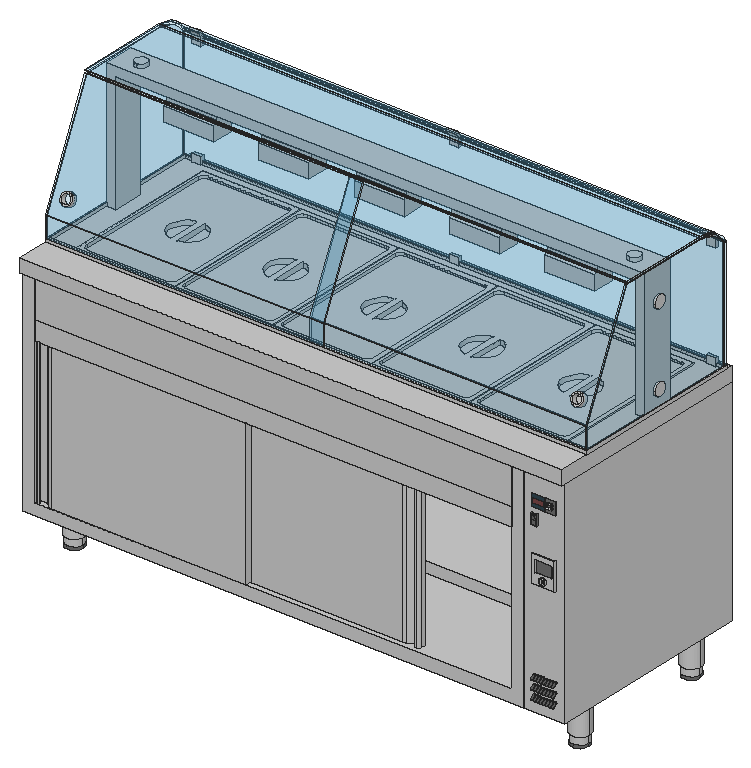
Revit family "QF_INOMAK_MIV718_250609085255", category Specialty Equipment, Revit 2021 (continued)
Definition of nested family "QF_INOMAK_LEGS_6348"
  Parameters (values of type "LG-1545-700-BC")
    Length Actual [instance] = 0 mm
    Length = 1546 mm
    Left offset = 100 mm
    Item Number [instance] = ""
    Installed By [instance] = ""
    Installation Date [instance] = ""
    Identify Quantity as Lot [instance] = yes
    ID [instance] = ""
    Hygiene Approval [instance] = ""
    Height Actual [instance] = 0 mm
    Height = 115 mm
    Furnished By [instance] = ""
    Front offset = 150 mm
    Foodservice Equipment Identifier [instance] = yes
    ETL Approved [instance] = yes
    Description = "STANDARD LEGS"
    Depth Actual [instance] = 0 mm
    Depth = 700 mm
    Default Elevation = 0 mm
    CentralLegs = if(Length > 1900 mm, 2 > 1, 2 < 1)  # no
    CSI MasterFormat [instance] = ""
    CE Approved [instance] = yes
    Barcode [instance] = ""
    Author [instance] = ""
    Asset Identifier [instance] = ""
    Assembly Code = "E1090320"
    Accessory [instance] = yes
  Types (14, lengths in mm): name | Right offset | Rear offset | Length | Left offset | Height | Front offset | Depth | CentralLegs
    LG-720-830 | 100 | 60 | 720 | 100 | 115 | 160 | 830 | no
    LG-1440-830 | 100 | 60 | 1440 | 100 | 115 | 160 | 830 | no
    LG-720-730 | 100 | 60 | 720 | 100 | 115 | 160 | 730 | no
    LG-1440-730 | 100 | 60 | 1440 | 100 | 115 | 160 | 730 | no
    LG-1105-700 | 60 | 90 | 1103 | 60 | 144 | 150 | 700 | no
    LG-1545-700 | 300 | 90 | 1546 | 100 | 144 | 150 | 700 | no
    LG-1995-700 | 300 | 90 | 1996 | 100 | 144 | 150 | 700 | yes
    LG-1545-700-BC | 300 | 90 | 1546 | 100 | 115 | 150 | 700 | no
    LG-1995-700-BC | 300 | 90 | 1996 | 100 | 115 | 150 | 700 | yes
    LG-1410-700 | 60 | 90 | 1406 | 60 | 144 | 150 | 700 | no
    LG-1795-700 | 60 | 90 | 1792 | 60 | 144 | 150 | 700 | no
    LG-1105-600 | 60 | 90 | 1103 | 60 | 144 | 150 | 600 | no
    LG-1545-600 | 300 | 90 | 1546 | 100 | 144 | 150 | 600 | no
    LG-1995-600 | 300 | 90 | 1996 | 100 | 144 | 150 | 600 | yes
  Reference planes
    plane 1 "Back": y = 0
    plane 2: z = 0
    plane 3 "Left": x = 0
    plane 4 "Right": x = 1546
    plane 5 "Front": y = -700
    plane 6 "Top": z = 115
    plane 7 "Left offset": x = 100
    plane 8 "Right offset": x = 1246
    plane 9 "Rear offset": y = -90
    plane 10 "Front offset": y = -550
    plane 11: x = 673
  Dimensions and locks
    "Length": plane 3 "Left" to plane 4 "Right"
    "Depth": plane 5 "Front" to plane 1 "Back"
    "Left offset": plane 3 "Left" to plane 7 "Left offset"
    "Right offset": plane 8 "Right offset" to plane 4 "Right"
    "Rear offset": plane 9 "Rear offset" to plane 1 "Back"
    "Front offset": plane 10 "Front offset" to plane 5 "Front"
    "Height": plane 6 "Top" to level
    equal spacing: plane 7 "Left offset", plane 11, plane 8 "Right offset"
    aligned and locked: level to plane 2
    aligned and locked: nested 2 to plane 8 "Right offset"
    aligned and locked: nested 3 to plane 8 "Right offset"
    aligned and locked: nested 4 to plane 7 "Left offset"
    aligned and locked: nested 4 to plane 10 "Front offset"
    aligned and locked: nested 3 to plane 10 "Front offset"
    aligned and locked: nested 1 to plane 7 "Left offset"
    aligned and locked: nested 1 to plane 9 "Rear offset"
    aligned and locked: nested 2 to plane 9 "Rear offset"
    aligned and locked: nested 5 to plane 11
    aligned and locked: nested 5 to plane 10 "Front offset"
  Nested families
    nested 1: "QF_INOMAK_LEG" at (100, -90, 0), type "QF_INOMAK_LEG"
      with Height 115 mm
    nested 2: "QF_INOMAK_LEG" at (1246, -90, 0), type "QF_INOMAK_LEG"
      with Height 115 mm
    nested 3: "QF_INOMAK_LEG" at (1246, -550, 0), type "QF_INOMAK_LEG"
      with Height 115 mm
    nested 4: "QF_INOMAK_LEG" at (100, -550, 0), type "QF_INOMAK_LEG"
      with Height 115 mm
    nested 5: "QF_INOMAK_LEG" at (673, -550, 0), visible <- "CentralLegs", type "QF_INOMAK_LEG"
      with Height 115 mm
  Definition of nested family "QF_INOMAK_LEG"
    Parameters (values of type "QF_INOMAK_LEG")
      Height = 118 mm
      Default Elevation = 0 mm
    Reference planes
      plane 1 "Center (Front/Back)": y = 0
      plane 2: z = 0
      plane 3 "Center (Left/Right)": x = 0
      plane 4 "Top": z = 118
    Forms (mm)
      Extrusion 1, solid
        sketch origin (0, 0, 118) x (0, 1, 0) y (-1, 0, 0)
          loop
            line (50, 45) -> (-50, 45) -> (-50, -45) -> (50, -45) -> (50, 45)
        from 0 to -3
      Extrusion 2, solid
        sketch origin (-199.986, 580, 0) x (1, 0, 0) y (0, 1, 0)
          loop
            circle (199.986, -580) r 28
        from 9 to 35
      Extrusion 3, solid
        sketch origin (-199.986, 580, 0) x (1, 0, 0) y (0, 1, 0)
          loop
            circle (199.986, -580) r 28.5
        from 0 to 9
      Sweep 4, solid
        path origin (0, 0, 0) x (0, 1, 0) y (0, 0, 1)
          loop
            line (0, 115) -> (0, 35)
        profile origin (0, 0, 75) x (1, 0, 0) y (0, 1, 0)
          loop
            circle (0, 0) r 32
    Dimensions and locks
      "Height": plane 4 "Top" to plane 2
      aligned and locked: level to plane 2
    Automatic sketch dimensions
      plane 1 "Center (Front/Back)" to Extrusion 1 sketch curve = 50 mm
      Extrusion 1 sketch curve to plane 1 "Center (Front/Back)" = 50 mm
      plane 3 "Center (Left/Right)" to Extrusion 1 sketch curve = 45 mm
      Extrusion 1 sketch curve to plane 3 "Center (Left/Right)" = 45 mm
      plane 1 "Center (Front/Back)" to Extrusion 2 sketch curve = 0 mm
      Extrusion 2 sketch curve to plane 3 "Center (Left/Right)" = 0 mm
      plane 1 "Center (Front/Back)" to Extrusion 3 sketch curve = 0 mm
      Extrusion 3 sketch curve to plane 3 "Center (Left/Right)" = 0 mm
      Sweep 4 sketch curve to plane 1 "Center (Front/Back)" = 0 mm
      level to Sweep 4 sketch curve = 35 mm
      Sweep 4 sketch curve to plane 4 "Top" = 3 mm
      Sweep 4 sketch curve to plane 3 "Center (Left/Right)" = 0 mm
      profile plane to Sweep 4 sketch curve = 0 mm
      radius of Extrusion 2 sketch curve = 28 mm
      radius of Extrusion 3 sketch curve = 28.5 mm
      radius of Sweep 4 sketch curve = 32 mm
Definition of nested family "CONN_POINT_COLDWATER_2D___Generic_Annotation"
  Parameters (values of type "CONN_POINT_COLDWATER_2D___Generic_Annotation")
    Onboard connection annotation symbol visibility [instance] = yes
  Reference planes
    plane 1: y = 0
    plane 2: x = 0
  Lines and regions (mm)
    detail lines, visible <- "Onboard connection annotation symbol visibility"
      curve 1: circle (0, 0, 0) r 0.5 normal (0, 0, 1)
      curve 2: line (-1, 0, 0) -> (1, 0, 0)
      curve 3: line (0, 1, 0) -> (0, -1, 0)
      curve 4: line (3.241, 1, 0) -> (3.717, -1, 0)
      curve 5: line (3.717, -1, 0) -> (4.193, 1, 0)
      curve 6: line (4.193, 1, 0) -> (4.669, -1, 0)
      curve 7: line (4.669, -1, 0) -> (5.145, 1, 0)
      curve 8: arc (2.67, 0.524, 0) -> (2.004, 1, 0) -> (1.337, 0.524, 0) r 0.704
      curve 9: arc (1.337, -0.524, 0) -> (2.004, -1, 0) -> (2.67, -0.524, 0) r 0.704
      curve 10: arc (1.337, 0.524, 0) -> (1.25, 0, 0) -> (1.337, -0.524, 0) r 1.616
Definition of nested family "CONN_POINT_DRAIN_2D___Generic_Annotation"
  Parameters (values of type "CONN_POINT_DRAIN_2D___Generic_Annotation")
    Onboard connection annotation symbol visibility [instance] = yes
  Reference planes
    plane 1: y = 0
    plane 2: x = 0
  Lines and regions (mm)
    detail lines, visible <- "Onboard connection annotation symbol visibility"
      curve 1: circle (0, 0, 0) r 0.5 normal (0, 0, 1)
      curve 2: line (-1, 0, 0) -> (1, 0, 0)
      curve 3: line (0, 1, 0) -> (0, -1, 0)
      curve 4: line (1.776, 1, 0) -> (1.25, 1, 0)
      curve 5: line (1.25, 1, 0) -> (1.25, -1, 0)
      curve 6: line (1.25, -1, 0) -> (1.776, -1, 0)
      curve 7: arc (2.206, -0.862, 0) -> (2.459, -0.589, 0) -> (2.583, -0.238, 0) r 0.918
      curve 8: arc (2.583, 0.238, 0) -> (2.459, 0.589, 0) -> (2.206, 0.862, 0) r 0.918
      curve 9: arc (2.583, -0.238, 0) -> (2.599, 0, 0) -> (2.583, 0.238, 0) r 1.77
      curve 10: arc (2.206, 0.862, 0) -> (2.002, 0.965, 0) -> (1.776, 1, 0) r 0.741
      curve 11: arc (1.776, -1, 0) -> (2.002, -0.965, 0) -> (2.206, -0.862, 0) r 0.741
Definition of nested family "CONN_POINT_ELE_2D___Generic_Annotation"
  Parameters (values of type "CONN_POINT_ELE_2D___Generic_Annotation")
    Onboard connection annotation symbol visibility [instance] = yes
  Reference planes
    plane 1: y = 0
    plane 2: x = 0
  Lines and regions (mm)
    detail lines, visible <- "Onboard connection annotation symbol visibility"
      curve 1: circle (0, 0, 0) r 0.5 normal (0, 0, 1)
      curve 2: line (-1, 0, 0) -> (1, 0, 0)
      curve 3: line (0, 1, 0) -> (0, -1, 0)
      curve 4: line (2.5, 1, 0) -> (1.25, 1, 0)
      curve 5: line (1.25, 1, 0) -> (1.25, -1, 0)
      curve 6: line (1.25, -1, 0) -> (2.5, -1, 0)
      curve 7: line (1.25, 0, 0) -> (2, 0, 0)
